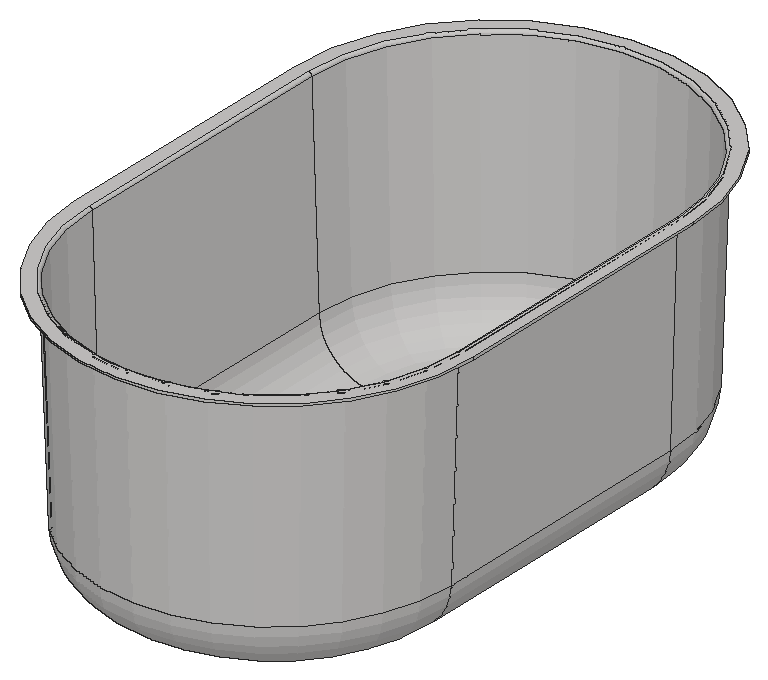
Revit family
Parameters
  Length = 180 mm  # constant formula
  Waste Connection Radius = Waste Connection Diameter / 2  # 45 mm
  Waste Connection = 1 = 1  # yes
  Vent Connection = 1 = 0  # no
  URL = "www.kwikot.com"
  Product Code = "SDI-290-SUM"
  Model = "Classique Designer Iris Series"
  Manufacturer = "Kwikot"  # constant formula
  Keynote = "22 41 16.16"
  Drain Stopper Visibility = yes
  Description = "Single Stainless Steel Undermount Sink"
  Width = 304 mm  # constant formula
  Depth = 120 mm  # constant formula
  HW Connection = 1 = 0  # no
  Family created by = "www.rbuiltcomponents.com"
  Waste Connection Diameter = 90 mm  # constant formula
  CW Connection = 1 = 0  # no
  Body Finish = Stainless_Steel-Kwikot-Satin
  Assembly Code = "D2010410"
Reference planes
  plane 1 "Bottom": z = 0
  plane 2 "Center (Left/Right)": x = 120
  plane 3 "Center (Front/Back)": y = -168
  plane 4 "Top": z = 120
  plane 5: x = 30
  plane 6: x = 210
  plane 7: y = -16
  plane 8: y = -320
  plane 9: y = -24
  plane 10: y = -312
  plane 11: x = 202.5
  plane 12: x = 37.5
Forms (mm)
  Sweep 1, solid, material "Stainless_Steel-Kwikot-Satin" <- "Body Finish"
    path origin (0, 0, 120) x (-1, 0, 0) y (0, -1, 0)
      loop
        arc (-37.5, 230) -> (-120, 312.5) -> (-202.5, 230) r 82.5
        line (-202.5, 230) -> (-202.5, 106)
        arc (-202.5, 106) -> (-120, 23.5) -> (-37.5, 106) r 82.5
        line (-37.5, 106) -> (-37.5, 230)
    profile origin (37.5, -168, 120) x (-1, 0, 0) y (0, 0, 1)
      loop
        line (-30.225, -119) -> (-30.225, -120) -> (-27.332, -120)
        arc (-27.332, -120) -> (-9.966, -112.983) -> (-2.347, -95.872) r 25
        line (-2.347, -95.872) -> (0.932, -1.965)
        arc (0.932, -1.965) -> (1.237, -1.281) -> (1.931, -1) r 1
        line (1.931, -1) -> (7.5, -1) -> (7.5, 0) -> (1.449, 0)
        arc (1.449, 0) -> (0.407, -0.421) -> (-0.051, -1.448) r 1.5
        line (-0.051, -1.448) -> (-3.347, -95.838)
        arc (-3.347, -95.838) -> (-10.66, -112.264) -> (-27.332, -119) r 24
        line (-27.332, -119) -> (-30.225, -119)
  Revolve 2, solid, material "Stainless_Steel-Kwikot-Satin" <- "Body Finish"
    sketch origin (0, -168, 0) x (1, 0, 0) y (0, 0, 1)
      loop
        line (75, -2.086) -> (71.405, -2.086)
        arc (71.405, -2.086) -> (70.76, -1.763) -> (70.5, -1.091) r 1
        line (70.5, -1.091) -> (70.5, 0)
        arc (70.5, 0) -> (70.207, 0.707) -> (69.5, 1) r 1
        line (69.5, 1) -> (68.5, 1) -> (68.5, 0) -> (69.5, 0) -> (69.5, -1.091)
        arc (69.5, -1.091) -> (70.039, -2.457) -> (71.366, -3.086) r 2
        line (71.366, -3.086) -> (74, -3.086) -> (74, -7) -> (75, -7) -> (75, -2.086)
      axis (120, 1) -> (120, -7)
    angle from 0 to 360
  Extrusion 3, solid, material "Stainless_Steel-Kwikot-Satin" <- "Body Finish"
    sketch origin (235, 0, 0) x (1, 0, 0) y (0, 1, 0)
      loop
        arc (-167.275, -230) -> (-115, -282.275) -> (-62.725, -230) r 52.275
        line (-62.725, -230) -> (-62.725, -106)
        arc (-62.725, -106) -> (-115, -53.725) -> (-167.275, -106) r 52.275
        line (-167.275, -106) -> (-167.275, -230)
      loop
        circle (-115, -168) r 51.5
    from 1 to 0
  Revolve 4, solid, material "Stainless_Steel-Kwikot-Satin" <- "Body Finish", visible <- "Drain Stopper Visibility"
    sketch origin (0, -168, 0) x (1, 0, 0) y (0, 0, 1)
      loop
        line (120, 1.027) -> (115.956, 1.027)
        arc (115.956, 1.027) -> (114.706, -0.223) -> (115.956, -1.473) r 1.25
        line (115.956, -1.473) -> (117, -1.473) -> (117, -6.473)
        arc (117, -6.473) -> (115.828, -9.301) -> (113, -10.473) r 4
        line (113, -10.473) -> (85, -10.473)
        arc (85, -10.473) -> (81.464, -9.008) -> (80, -5.473) r 5
        line (80, -5.473) -> (80, -3.995)
        arc (80, -3.995) -> (79.962, -2.357) -> (78.55, -3.187) r 0.95
        line (78.55, -3.187) -> (78.55, -1.607)
        arc (78.55, -1.607) -> (78.257, -0.9) -> (77.55, -0.607) r 1
        line (77.55, -0.607) -> (71.55, -0.607) -> (71.55, -1.607) -> (77.55, -1.607) -> (77.55, -5.473) -> (79, -5.473)
        arc (79, -5.473) -> (80.757, -9.715) -> (85, -11.473) r 6
        line (85, -11.473) -> (120, -11.473) -> (120, 1.027)
      axis (120, 1.027) -> (120, -11.473)
    angle from 0 to 360
  Extrusion 5, void
    sketch origin (179.837, 0, 0) x (1, 0, 0) y (0, 1, 0)
      loop
        line (-92.925, -166.5) -> (-92.925, -169.5) -> (-74.925, -169.5) -> (-74.925, -166.5) -> (-92.925, -166.5)
      loop
        line (-26.925, -166.5) -> (-44.925, -166.5) -> (-44.925, -169.5) -> (-26.925, -169.5) -> (-26.925, -166.5)
      loop
        line (-90.987, -179.243) -> (-89.839, -182.014) -> (-73.209, -175.126) -> (-74.357, -172.354) -> (-90.987, -179.243)
      loop
        line (-30.011, -153.986) -> (-46.641, -160.874) -> (-45.493, -163.646) -> (-28.863, -156.757) -> (-30.011, -153.986)
      loop
        line (-84.32, -190.274) -> (-82.199, -192.395) -> (-69.471, -179.667) -> (-71.592, -177.546) -> (-84.32, -190.274)
      loop
        line (-37.651, -143.605) -> (-50.379, -156.333) -> (-48.258, -158.454) -> (-35.53, -145.726) -> (-37.651, -143.605)
      loop
        line (-73.939, -197.914) -> (-71.168, -199.062) -> (-64.279, -182.432) -> (-67.051, -181.284) -> (-73.939, -197.914)
      loop
        line (-48.682, -136.938) -> (-55.57, -153.568) -> (-52.799, -154.716) -> (-45.91, -138.086) -> (-48.682, -136.938)
      loop
        line (-61.425, -201) -> (-58.425, -201) -> (-58.425, -183) -> (-61.425, -183) -> (-61.425, -201)
      loop
        line (-61.425, -135) -> (-61.425, -153) -> (-58.425, -153) -> (-58.425, -135) -> (-61.425, -135)
      loop
        line (-48.682, -199.062) -> (-45.91, -197.914) -> (-52.799, -181.284) -> (-55.57, -182.432) -> (-48.682, -199.062)
      loop
        line (-73.939, -138.086) -> (-67.051, -154.716) -> (-64.279, -153.568) -> (-71.168, -136.938) -> (-73.939, -138.086)
      loop
        line (-37.651, -192.395) -> (-35.53, -190.274) -> (-48.258, -177.546) -> (-50.379, -179.667) -> (-37.651, -192.395)
      loop
        line (-84.32, -145.726) -> (-71.592, -158.454) -> (-69.471, -156.333) -> (-82.199, -143.605) -> (-84.32, -145.726)
      loop
        line (-30.011, -182.014) -> (-28.863, -179.243) -> (-45.493, -172.354) -> (-46.641, -175.126) -> (-30.011, -182.014)
      loop
        line (-90.987, -156.757) -> (-74.357, -163.646) -> (-73.209, -160.874) -> (-89.839, -153.986) -> (-90.987, -156.757)
    from -16.779 to 10
Cuts and joins
  Extrusion 5 cuts Revolve 4
  joined: Sweep 1, Revolve 2, Extrusion 3
Lines and regions (mm)
  Masking region 1
    outline origin (0, 0, 0) x (1, 0, 0) y (0, 1, 0)
      loop
        arc (30, -230) -> (120, -320) -> (210, -230) r 90
        line (210, -230) -> (210, -106)
        arc (210, -106) -> (120, -16) -> (30, -106) r 90
        line (30, -106) -> (30, -230)
  Masking region 2
    outline origin (0, -168, 0) x (1, 0, 0) y (0, 0, 1)
      loop
        line (210, 120) -> (30, 120) -> (30, 119) -> (35.047, 119)
        arc (35.047, 119) -> (36.436, 118.439) -> (37.046, 117.07) r 2
        line (37.046, 117.07) -> (40.754, 30.883)
        arc (40.754, 30.883) -> (50.505, 8.981) -> (72.734, 0) r 32
        line (72.734, 0) -> (76.234, -7) -> (162.77, -7) -> (166.278, 0.015)
        arc (166.278, 0.015) -> (189.137, 8.641) -> (199.246, 30.883) r 32
        line (199.246, 30.883) -> (202.954, 117.07)
        arc (202.954, 117.07) -> (203.564, 118.439) -> (204.953, 119) r 2
        line (204.953, 119) -> (210, 119) -> (210, 120)
  Masking region 3
    outline origin (120, 0, 0) x (0, 1, 0) y (0, 0, 1)
      loop
        line (-16, 120) -> (-320, 120) -> (-320, 119) -> (-313.479, 119) -> (-309.703, 30.883)
        arc (-309.703, 30.883) -> (-299.952, 8.981) -> (-277.723, 0) r 32
        line (-277.723, 0) -> (-215.625, 0) -> (-212.125, -7) -> (-121.625, -7) -> (-118.125, 0) -> (-58.302, 0)
        arc (-58.302, 0) -> (-36.073, 8.981) -> (-26.321, 30.883) r 32
        line (-26.321, 30.883) -> (-22.546, 119) -> (-16, 119) -> (-16, 120)
  symbolic lines, style "Sink"
    curve 1: arc (75, -168, 0) -> (120, -123, 0) -> (165, -168, 0) r 45
    curve 2: arc (165, -168, 0) -> (120, -213, 0) -> (75, -168, 0) r 45
    curve 5: line (166.27, -168, 0) -> (72.27, -168, 0)
    curve 6: line (120, -118.125, 0) -> (120, -215.625, 0)
    curve 7: arc (37.5, -230, 120) -> (120, -312.5, 120) -> (202.5, -230, 120) r 82.5
    curve 8: line (37.5, -106, 120) -> (37.5, -230, 120)
    curve 9: line (202.5, -230, 120) -> (202.5, -106, 120)
    curve 10: arc (37.5, -106, 120) -> (120, -23.5, 120) -> (202.5, -106, 120) r 82.5
  symbolic lines, style "Sink", detail levels fine
    curve 3: arc (65, -168, 0) -> (120, -113, 0) -> (175, -168, 0) r 55
    curve 4: arc (175, -168, 0) -> (120, -223, 0) -> (65, -168, 0) r 55
Dimensions and locks
  "Depth": plane 4 "Top" to level
  equal spacing: plane 5, plane 2 "Center (Left/Right)", plane 6
  "Length": plane 5 to plane 6
  equal spacing: plane 8, plane 3 "Center (Front/Back)", plane 7
  "Width": plane 8 to plane 7
  Sweep 1 sketch curve to plane 7 = 7.5 mm
  plane 8 to Sweep 1 sketch curve = 7.5 mm
  plane 10 to plane 9 = 288 mm
  plane 12 to plane 11 = 165 mm
  aligned and locked: Masking region 3 to curve 6
  aligned and locked: curve 6 to Masking region 3
  aligned and locked: plane 4 "Top" to Masking region 2 sketch curve
  aligned and locked: Masking region 3 sketch curve to plane 4 "Top"
  aligned and locked: level to Masking region 3 sketch curve  (x2)
  aligned and locked: Sweep 1 sketch curve to plane 5
  aligned and locked: Masking region 1 sketch curve to cut or joined group of Sweep 1, Revolve 2, Extrusion 3  (x2)
Automatic sketch dimensions
  plane 3 "Center (Front/Back)" to Extrusion 5 sketch curve = 1.5 mm  (x2)
  plane 3 "Center (Front/Back)" to Extrusion 5 sketch curve = 11.243 mm
  Extrusion 5 sketch curve to Extrusion 5 sketch curve = 1.938 mm  (x5)
  Extrusion 5 sketch curve to plane 3 "Center (Front/Back)" = 11.243 mm
  Extrusion 5 sketch curve to plane 3 "Center (Front/Back)" = 14.014 mm  (x2)
  Extrusion 5 sketch curve to Extrusion 5 sketch curve = 1.148 mm  (x4)
  plane 3 "Center (Front/Back)" to Extrusion 5 sketch curve = 14.014 mm  (x2)
  Extrusion 5 sketch curve to plane 3 "Center (Front/Back)" = 22.274 mm
  Extrusion 5 sketch curve to Extrusion 5 sketch curve = 5.519 mm  (x2)
  plane 3 "Center (Front/Back)" to Extrusion 5 sketch curve = 22.274 mm
  Extrusion 5 sketch curve to plane 3 "Center (Front/Back)" = 24.395 mm  (x2)
  Extrusion 5 sketch curve to Extrusion 5 sketch curve = 2.121 mm  (x4)
  plane 3 "Center (Front/Back)" to Extrusion 5 sketch curve = 24.395 mm  (x2)
  Extrusion 5 sketch curve to Extrusion 5 sketch curve = 18 mm
  Extrusion 5 sketch curve to plane 3 "Center (Front/Back)" = 4.354 mm  (x2)
  plane 3 "Center (Front/Back)" to Extrusion 5 sketch curve = 4.354 mm  (x2)
  Extrusion 5 sketch curve to plane 3 "Center (Front/Back)" = 29.914 mm
  Extrusion 5 sketch curve to Extrusion 5 sketch curve = 8.259 mm  (x2)
  plane 3 "Center (Front/Back)" to Extrusion 5 sketch curve = 29.914 mm
  plane 3 "Center (Front/Back)" to Extrusion 5 sketch curve = 9.546 mm  (x2)
  Extrusion 5 sketch curve to plane 3 "Center (Front/Back)" = 9.546 mm  (x2)
  plane 3 "Center (Front/Back)" to Extrusion 5 sketch curve = 31.062 mm  (x2)
  Extrusion 5 sketch curve to Extrusion 5 sketch curve = 2.772 mm  (x4)
  Extrusion 5 sketch curve to plane 3 "Center (Front/Back)" = 31.062 mm  (x2)
  plane 3 "Center (Front/Back)" to Extrusion 5 sketch curve = 13.284 mm  (x2)
  Extrusion 5 sketch curve to plane 3 "Center (Front/Back)" = 13.284 mm  (x2)
  Extrusion 5 sketch curve to Extrusion 5 sketch curve = 9.743 mm
  Extrusion 5 sketch curve to Extrusion 5 sketch curve = 2.854 mm  (x3)
  Extrusion 5 sketch curve to Extrusion 5 sketch curve = 3 mm  (x2)
  plane 3 "Center (Front/Back)" to Extrusion 5 sketch curve = 14.432 mm
  Extrusion 5 sketch curve to plane 3 "Center (Front/Back)" = 14.432 mm
  plane 3 "Center (Front/Back)" to Extrusion 5 sketch curve = 11.667 mm
  Extrusion 5 sketch curve to Extrusion 5 sketch curve = 2.42 mm  (x2)
  Extrusion 5 sketch curve to plane 3 "Center (Front/Back)" = 11.667 mm
  Extrusion 5 sketch curve to plane 3 "Center (Front/Back)" = 7.126 mm
  Extrusion 5 sketch curve to Extrusion 5 sketch curve = 1.617 mm  (x2)
  plane 3 "Center (Front/Back)" to Extrusion 5 sketch curve = 7.126 mm
  Extrusion 5 sketch curve to Extrusion 5 sketch curve = 0.568 mm  (x3)
  Extrusion 5 sketch curve to plane 3 "Center (Front/Back)" = 1.5 mm  (x2)
  Extrusion 5 sketch curve to plane 2 "Center (Left/Right)" = 33.088 mm
  curve 1 to curve 3 = 0 mm  (x2)
  curve 3 to curve 1 = 10 mm
  curve 5 to plane 2 "Center (Left/Right)" = 47.73 mm
  plane 2 "Center (Left/Right)" to curve 5 = 46.27 mm
  Revolve 2 sketch curve to Revolve 2 sketch curve = 0 mm  (x3)
  Revolve 2 sketch curve to level = 0 mm  (x2)
  Revolve 2 sketch curve to plane 2 "Center (Left/Right)" = 0 mm
  Revolve 2 sketch curve to level = 7 mm
  Revolve 2 sketch curve to plane 2 "Center (Left/Right)" = 45 mm
  Revolve 2 sketch curve to Revolve 2 sketch curve = 1 mm  (x4)
  Revolve 2 sketch curve to level = 1.091 mm
  Revolve 2 sketch curve to Revolve 2 sketch curve = 2.5 mm
  Revolve 2 sketch curve to Revolve 2 sketch curve = 0.095 mm
  Revolve 2 sketch curve to Revolve 2 sketch curve = 0.039 mm
  Revolve 2 sketch curve to level = 24.058 mm
  level to Revolve 2 sketch curve = 25.942 mm
  Revolve 4 sketch curve to Revolve 4 sketch curve = 0 mm  (x5)
  Revolve 4 sketch curve to plane 2 "Center (Left/Right)" = 0 mm  (x2)
  Revolve 4 sketch curve to plane 2 "Center (Left/Right)" = 3 mm
  Revolve 4 sketch curve to level = 0.223 mm
  Revolve 4 sketch curve to Revolve 4 sketch curve = 1.044 mm
  Revolve 4 sketch curve to Revolve 4 sketch curve = 4 mm
  Revolve 4 sketch curve to level = 11.473 mm
  Revolve 4 sketch curve to Revolve 4 sketch curve = 28 mm
  Revolve 4 sketch curve to Revolve 4 sketch curve = 5 mm
  Revolve 4 sketch curve to Revolve 4 sketch curve = 0.5 mm
  Revolve 4 sketch curve to Revolve 4 sketch curve = 1 mm  (x3)
  Revolve 4 sketch curve to Revolve 4 sketch curve = 0.95 mm
  Revolve 4 sketch curve to level = 0.607 mm
  Revolve 4 sketch curve to Revolve 4 sketch curve = 6 mm
  Revolve 4 sketch curve to Revolve 4 sketch curve = 12.558 mm
  Revolve 4 sketch curve to Revolve 4 sketch curve = 1.478 mm
  Revolve 4 sketch curve to level = 1.473 mm
  Revolve 4 sketch curve to Revolve 4 sketch curve = 24.942 mm
  plane 3 "Center (Front/Back)" to curve 6 = 47.625 mm
  plane 3 "Center (Front/Back)" to curve 3 = 0 mm
  plane 2 "Center (Left/Right)" to Sweep 1 sketch curve = 0 mm
  Sweep 1 sketch curve to plane 6 = 7.5 mm
  curve 4 to plane 2 "Center (Left/Right)" = 0 mm
  curve 1 to curve 1 = 45 mm
  curve 5 to level = 0 mm
  Masking region 3 sketch curve to plane 8 = 0 mm
  Masking region 3 sketch curve to plane 7 = 0 mm
  Masking region 3 sketch curve to plane 4 "Top" = 1 mm  (x2)
  Masking region 3 sketch curve to plane 8 = 6.521 mm
  Masking region 3 sketch curve to plane 8 = 10.297 mm
  Masking region 3 sketch curve to Masking region 3 sketch curve = 31.981 mm
  plane 3 "Center (Front/Back)" to Masking region 3 sketch curve = 47.625 mm
  Masking region 3 sketch curve to level = 7 mm
  Masking region 3 sketch curve to Masking region 3 sketch curve = 3.5 mm  (x2)
  Masking region 3 sketch curve to plane 3 "Center (Front/Back)" = 46.375 mm
  plane 7 to Masking region 3 sketch curve = 42.302 mm
  plane 7 to Masking region 3 sketch curve = 10.321 mm
  plane 7 to Masking region 3 sketch curve = 6.546 mm
  level to Masking region 3 sketch curve = 30.883 mm  (x2)
  Extrusion 3 sketch curve to Extrusion 3 sketch curve = 0 mm  (x2)
  plane 3 "Center (Front/Back)" to Extrusion 3 sketch curve = 0 mm
  Extrusion 3 sketch curve to plane 2 "Center (Left/Right)" = 0 mm  (x2)
  plane 5 to Extrusion 3 sketch curve = 38.5 mm
  plane 5 to Extrusion 3 sketch curve = 37.725 mm
  plane 3 "Center (Front/Back)" to Extrusion 3 sketch curve = 62 mm
  Extrusion 3 sketch curve to plane 3 "Center (Front/Back)" = 62 mm
  Sweep 1 sketch curve to Sweep 1 sketch curve = 0 mm  (x2)
  Sweep 1 sketch curve to profile plane = 0 mm
  Sweep 1 sketch curve to profile plane = 1.931 mm
  Sweep 1 sketch curve to profile plane = 1.449 mm
  Sweep 1 sketch curve to profile plane = 0.932 mm
  profile plane to Sweep 1 sketch curve = 0.051 mm
  profile plane to Sweep 1 sketch curve = 2.347 mm
  Sweep 1 sketch curve to Sweep 1 sketch curve = 0.999 mm
  Sweep 1 sketch curve to Sweep 1 sketch curve = 23.985 mm
  Sweep 1 sketch curve to Sweep 1 sketch curve = 2.893 mm
  Sweep 1 sketch curve to Sweep 1 sketch curve = 0.5 mm
  Sweep 1 sketch curve to Sweep 1 sketch curve = 1 mm
  Sweep 1 sketch curve to Sweep 1 sketch curve = 0.465 mm
  Sweep 1 sketch curve to profile plane = 95 mm
  Sweep 1 sketch curve to Sweep 1 sketch curve = 0.838 mm
  Sweep 1 sketch curve to Sweep 1 sketch curve = 0.035 mm
  curve 10 to plane 6 = 7.5 mm
  curve 10 to plane 3 "Center (Front/Back)" = 62 mm
  plane 3 "Center (Front/Back)" to curve 7 = 62 mm
  curve 10 to plane 2 "Center (Left/Right)" = 0 mm
  Masking region 2 sketch curve to plane 5 = 0 mm
  Masking region 2 sketch curve to level = 0 mm
  Masking region 2 sketch curve to plane 6 = 0 mm
  Masking region 2 sketch curve to plane 4 "Top" = 1 mm  (x2)
  plane 5 to Masking region 2 sketch curve = 5.047 mm
  Masking region 2 sketch curve to Masking region 2 sketch curve = 1.999 mm  (x2)
  plane 5 to Masking region 2 sketch curve = 10.754 mm
  plane 5 to Masking region 2 sketch curve = 42.734 mm
  Masking region 2 sketch curve to Masking region 2 sketch curve = 3.5 mm
  plane 2 "Center (Left/Right)" to Masking region 2 sketch curve = 42.77 mm
  Masking region 2 sketch curve to Masking region 2 sketch curve = 3.508 mm
  Masking region 2 sketch curve to plane 6 = 10.754 mm
  Masking region 2 sketch curve to plane 4 "Top" = 2.93 mm
  Masking region 2 sketch curve to plane 6 = 7.046 mm
  level to Masking region 2 sketch curve = 30.883 mm  (x2)
  Masking region 2 sketch curve to Masking region 2 sketch curve = 2 mm
  Masking region 2 sketch curve to level = 7 mm
  level to Masking region 2 sketch curve = 0.015 mm
  Masking region 2 sketch curve to Masking region 2 sketch curve = 0.988 mm
